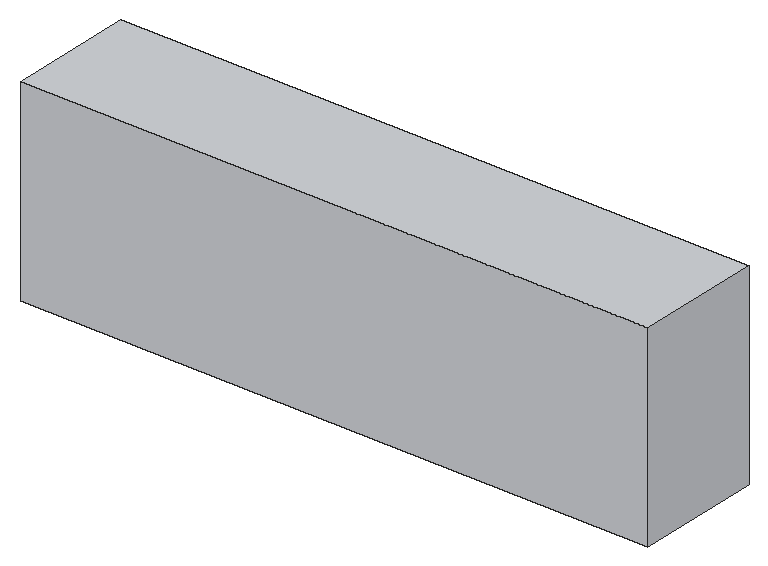
Revit family "Routing Shaft", category Generic Models, Revit 2022
Family settings
  Can host rebar = No
  Round Connector Dimension = Use Diameter
  Part Type = Normal
  Work Plane-Based = No
  Always vertical = Yes
  Cut with Voids When Loaded = No
  Maintain Annotation Orientation = No
  Shared = No
  Room Calculation Point = No
Parameters (values of type "Generic")
  高さ [instance] = 1250 mm
  幅 [instance] = 4000 mm
  奥行き [instance] = 800 mm
  Default Elevation = 2800 mm
  material = Rack
  Arent-Width [instance] = 幅  # 4000 mm
  Arent-Offset [instance] = 2800 mm
  Arent-Length [instance] = 奥行き  # 800 mm
  Arent-Height [instance] = 高さ  # 1250 mm
Reference planes
  plane 1 "Center (Front/Back)": y = 0
  plane 2: z = 0
  plane 3 "Center (Left/Right)": x = 0
  plane 4: y = 400
  plane 5: y = -400
  plane 6: x = -2000
  plane 7: x = 2000
  plane 8: z = 4050
  plane 9: z = 2800
Forms (mm)
  Extrusion 1, solid
    sketch origin (0, 0, 0) x (1, 0, 0) y (0, 1, 0)
      loop
        line (-2000, 400) -> (-2000, -400) -> (2000, -400) -> (2000, 400) -> (-2000, 400)
    from 2800 to 4050
Lines and regions (mm)
  symbolic lines, style "Arrent-Clearance"
    curve 1: line (-2000, 400, 0) -> (2000, 400, 0)
    curve 2: line (-2000, -400, 0) -> (-2000, 400, 0)
    curve 3: line (2000, -400, 0) -> (-2000, -400, 0)
    curve 4: line (2000, 400, 0) -> (2000, -400, 0)
Dimensions and locks
  equal spacing: plane 4, plane 1 "Center (Front/Back)", plane 5
  equal spacing: plane 6, plane 3 "Center (Left/Right)", plane 7
  "幅": plane 6 to plane 7
  "奥行き": plane 4 to plane 5
  "Arent-Offset": plane 9 to level
  "高さ": plane 8 to plane 9
  aligned and locked: level to plane 2
  aligned and locked: plane 4 to Extrusion 1
  aligned and locked: Extrusion 1 to plane 6
  aligned and locked: plane 5 to Extrusion 1
  aligned and locked: plane 7 to Extrusion 1
  aligned and locked: plane 8 to Extrusion 1
  aligned and locked: Extrusion 1 to plane 9
  aligned and locked: curve 1 to plane 4
  aligned and locked: plane 6 to curve 2
  aligned and locked: plane 5 to curve 3
  aligned and locked: curve 4 to plane 7
Automatic sketch dimensions
  Extrusion 1 sketch curve to plane 5 = 0 mm
  Extrusion 1 sketch curve to plane 6 = 0 mm
  Extrusion 1 sketch curve to plane 7 = 0 mm
  Extrusion 1 sketch curve to plane 4 = 0 mm
